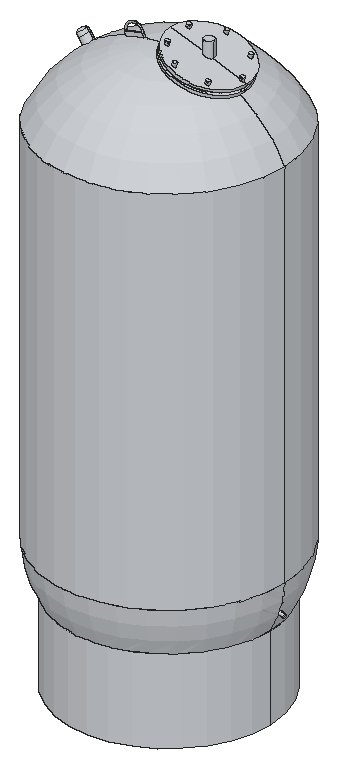
Revit family "NLA-3000L", category Mechanical Equipment, Revit 2014
Parameters (values of type "NLA-3000L")
  URL = "http://westank.com/"
  Top Clearence = B * 0.03194  # 3.89668"
  TankVolume = "792 Gallons"
  SystemConnectionAngle = 50.00°
  PartNumber = "22013000"
  OuterRadius = D / 2  # 21"
  Model = "NLA-3000L"
  MaximumOperatingTemperature = "240°F"
  MaximumOperatingPressure = "125 PSIG"
  Manufacturer = "Wessels Company"
  InnerRadius = (D * 0.9844) / 2  # 20.6724"
  HandleAngle = 110.00°
  F = 3/4"
  DrainAngle = 63.00°
  D = 42"
  CylinderHeight = B * 0.90693  # 110.64546"
  Cyl TOp = B * 0.1616  # 19.7152"
  Cyl Middle = B * 0.62996  # 76.85512"
  Cyl Botttom = B * 0.07034  # 8.58148"
  C = 2"
  B = 122"
  ApproximateShipmentWeight = "1550 lbs"
  Angle = 50.00°
  A = 48"
Reference planes (in)
  plane 1 "Center (Front/Back)": y = 0
  plane 2: z = 0
  plane 3 "Center (Left/Right)": x = 0
  plane 4: x = -24
  plane 5: z = 85.85433
  plane 6: z = 86.86442
  plane 7: y = 1.9685
  plane 8: y = -1.9685
  plane 9: z = 122
  plane 10: x = 24
  plane 11: z = 62.8728
  plane 12: y = 0.15626
  plane 13: y = -0.15626
  plane 14: x = -24
  plane 15: x = 24
  plane 16: x = -21
  plane 17: x = 21
  plane 18: z = 118.10332
  plane 19: z = 21.21085
  plane 20: y = 0
  plane 21: y = 8.22887
  plane 22: y = -8.22887
  plane 23: through (22.56389, -180, 21.10689) normal (0.342, 0, 0.9397)
  plane 24: through (22.8204, -180, 21.81166) normal (0.342, 0, 0.9397)
  plane 25: through (1.4545, -180, 117.41997) normal (0.309, 0, 0.9511)
  plane 26: through (0.60608, -180, 119.16243) normal (0.309, 0, 0.9511)
  plane 27: x = 7.11909
  plane 28: x = 9.11909
  plane 29: z = 65.61892
  plane 30: z = 102.04412
  plane 31: z = 102.54412
  plane 32: z = 101.54412
  plane 33: through (22.2345, -180, 21.62585) normal (0.342, 0, 0.9397)
Forms (in)
  Revolve 1, solid
    sketch origin (0, 0, -5.125) x (1, 0, 0) y (0, 0, 1)
      loop
        arc (0, 123.22832) -> (-14.01651, 119.64103) -> (-24, 109.16912) r 26.23551
        line (-24, 109.16912) -> (-24, 32.314)
        arc (-24, 32.314) -> (-16.30367, 16.87701) -> (0, 11.24458) r 22.80535
        line (0, 11.24458) -> (0, 123.22832)
      axis (0, 123.22832) -> (0, 11.24458)
    angle from 0 to 360
  Extrusion 2, solid
    sketch origin (0, 0, 0) x (1, 0, 0) y (0, 1, 0)
      loop
        circle (0, 0) r 21
      loop
        circle (0, 0) r 20.6724
    from 17.76725 to 0
  Revolve 3, solid
    sketch origin (-12.98705, 0, 108.54606) x (-0.630136, 0, 0.776485) y (-0.776485, 0, -0.630136)
      loop
        line (5.44847, -0.0719) -> (5.44847, -1.16029) -> (6.95487, -1.16029) -> (6.95487, -1.12732) -> (7.76301, -1.12732)
        arc (7.76301, -1.12732) -> (8.10825, -0.65594) -> (8.12516, -0.0719) r 0.9835
        line (8.12516, -0.0719) -> (5.44847, -0.0719)
      axis (5.44847, -0.0719) -> (8.12516, -0.0719)
    angle from 0 to 360
  Sweep 4, solid
    path origin (-5.64412, 0, 112.22733) x (-0.231621, 0, 0.972806) y (-0.972806, 0, -0.231621)
      loop
        arc (6.10198, 1.75) -> (7.85198, 0) -> (6.10198, -1.75) r 1.75
    profile origin (-7.4628, 0, 119.86578) x (-0.231621, 0, 0.972806) y (0, -1, 0)
      loop
        circle (0, 0) r 0.15625
  Extrusion 5, solid
    sketch origin (-4.51496, 0, 107.4849) x (-0.231621, 0, 0.972806) y (-0.972806, 0, -0.231621)
      loop
        line (10.97698, 1.90561) -> (10, 1.90561) -> (10, -1.9095) -> (10.97698, -1.9095) -> (10.97698, 1.90561)
    from 0.15626 to -0.15626
  Revolve 6, solid
    sketch origin (5.84581, 0, 27.55178) x (0.939693, 0, -0.34202) y (0.34202, 0, 0.939693)
      loop
        line (17.91414, 0.03671) -> (19.19446, 0.03671) -> (19.19446, 0.41171) -> (17.91414, 0.41171) -> (17.91414, 0.03671)
      axis (17.91414, 0.03671) -> (19.19446, 0.03671)
    angle from 0 to 360
  Sweep 7, solid
    path origin (-18.70049, 0, 65.68373) x (-1, 0, 0) y (0, 0, -1)
      loop
        arc (6.10198, 1.75) -> (7.85198, 0) -> (6.10198, -1.75) r 1.75
    profile origin (-26.55247, 0, 65.68373) x (-1, 0, 0) y (0, -1, 0)
      loop
        circle (0, 0) r 0.15625
  Extrusion 8, solid
    sketch origin (-13.82549, 0, 65.68373) x (-1, 0, 0) y (0, 0, -1)
      loop
        line (10.97698, 1.90561) -> (10, 1.90561) -> (10, -1.9095) -> (10.97698, -1.9095) -> (10.97698, 1.90561)
    from 0.15626 to -0.15626
  Revolve 9, solid
    sketch origin (-1.37049, 0, 64.91823) x (0.309017, 0, 0.951057) y (-0.951057, 0, 0.309017)
      loop
        line (54.54525, 7.54578) -> (50.80509, 7.54578) -> (50.80509, 1.55435)
        arc (50.80509, 1.55435) -> (51.79827, 1.73817) -> (52.77359, 1.47559) r 2.28358
        line (52.77359, 1.47559) -> (52.77359, -0.68865) -> (53.36414, -0.68865) -> (53.36414, -0.07236) -> (53.9547, -0.07236) -> (53.9547, -0.68865) -> (54.54525, -0.68865) -> (54.54525, 7.54578)
      axis (50.80509, 7.54578) -> (54.54525, 7.54578)
    angle from 0 to 360
  Extrusion 10, solid
    sketch origin (8.26082, 0.25, 93.4832) x (1, 0, 0) y (0, 1, 0)
      loop
        circle (-0.14174, 0) r 1
    from 28.5168 to 24.61983
  Extrusion 11, solid
    sketch origin (1.47907, 7.07168, 121.30272) x (-0.94798, 0.047116, 0.314823) y (-0.043762, -0.998885, 0.017717)
      loop
        circle (-1.65206, 10.75183) r 0.3937
    from 0.59055 to -2.40615
  Extrusion 12, solid
    sketch origin (9.51744, 9.94245, 118.69089) x (-0.536209, 0.824444, 0.181031) y (-0.783065, -0.565933, 0.257931)
      loop
        circle (-1.65206, 10.75183) r 0.3937
    from 0.59055 to -2.40615
  Extrusion 13, solid
    sketch origin (16.54941, 4.9415, 116.40606) x (0.301678, 0.949037, -0.091215) y (-0.90158, 0.315084, 0.296439)
      loop
        circle (-1.65206, 10.75183) r 0.3937
    from 0.59055 to -2.40615
  Extrusion 14, solid
    sketch origin (17.00756, -3.97177, 116.2572) x (0.902301, 0.32225, -0.28637) y (-0.305474, 0.94664, 0.102752)
      loop
        circle (-1.65206, 10.75183) r 0.3937
    from 0.59055 to -2.40615
  Extrusion 15, solid
    sketch origin (10.52916, -9.74048, 118.36216) x (0.790131, -0.559671, -0.249923) y (0.533298, 0.828715, -0.169781)
      loop
        circle (-1.65206, 10.75183) r 0.3937
    from 0.59055 to -2.40615
  Extrusion 16, solid
    sketch origin (2.24335, -7.79738, 121.05438) x (0.053976, -0.998485, -0.010732) y (0.950657, 0.054673, -0.305389)
      loop
        circle (-1.65206, 10.75183) r 0.3937
    from 0.59055 to -2.40615
  Extrusion 17, solid
    sketch origin (-1.28977, 0.31913, 122.20237) x (-0.72333, -0.64677, 0.24183) y (0.616168, -0.762655, -0.196708)
      loop
        circle (-1.65206, 10.75183) r 0.3937
    from 0.59055 to -2.40615
  Extrusion 18, solid
    sketch origin (0, 0, 0) x (0, 1, 0) y (0, 0, 1)
      loop
        circle (-0.15626, 102.04412) r 0.5
    from -25.54196 to -23.82549
Cuts and joins
  joined: Revolve 1, Extrusion 2, Revolve 3, Extrusion 5, Revolve 6, Extrusion 8, Revolve 9, Extrusion 10
Lines and regions (in)
  reference lines
    curve 1: line (0, 0, 62.8728) -> (-4.66021, 0, 68.42662)
    curve 2: line (0, 0, 62.8728) -> (-2.47965, 0, 69.68557)
    curve 3: line (0, 0, 21.21085) -> (16.48362, 0, 12.81203)
Dimensions and locks (in)
  equal spacing: plane 7, plane 1 "Center (Front/Back)", plane 8
  "B": plane 9 to level
  equal spacing: plane 10, plane 3 "Center (Left/Right)", plane 4
  "A": plane 10 to plane 4
  equal spacing: plane 12, curve 2, plane 13
  equal spacing: plane 15, plane 3 "Center (Left/Right)", plane 14
  "A": plane 15 to plane 14
  equal spacing: plane 17, plane 3 "Center (Left/Right)", plane 16
  locked: Revolve 3 sketch curve to Revolve 3 sketch curve at 0.03297
  equal spacing: plane 21, plane 20, plane 22
  Revolve 6 sketch curve to Revolve 6 sketch curve = 3/8"
  "F": plane 24 to plane 23
  Revolve 1 sketch curve to level = 6.11958"
  "Cyl Middle": Revolve 1 sketch curve to Revolve 1 sketch curve
  plane 18 to Revolve 1 sketch curve = 14.0592"
  "Top Clearence": plane 9 to plane 18
  locked: Revolve 9 sketch curve to Revolve 9 sketch curve at 0.59055  (x3)
  locked: Revolve 9 sketch curve to Revolve 9 sketch curve at 1.9685
  "C": plane 27 to plane 28
  "D": plane 17 to plane 16
  Revolve 1 to Revolve 1 = 76.85512"
  locked: Revolve 1 to plane 30 at 2
  locked: plane 31 to plane 32 at 1
  locked: Extrusion 18 sketch curve to plane 31 at 0.5
  Extrusion 18 sketch curve to plane 32 = 1/2"
  equal spacing: plane 31, plane 30, plane 32
  equal spacing: plane 24, plane 33, plane 23
  "OuterRadius": radius of Extrusion 2 sketch curve
  "InnerRadius": radius of Extrusion 2 sketch curve
  "C": diameter of Extrusion 10 sketch curve
  diameter of Extrusion 18 = 1"
  "Angle": angle curve 1 to plane 11
  "HandleAngle": angle plane 11 to curve 2
  "DrainAngle": angle plane 3 "Center (Left/Right)" to curve 3
  aligned and locked: level to plane 2
  aligned and locked: Extrusion 2 to level
  aligned and locked: plane 4 to Revolve 1 sketch curve
  aligned and locked: plane 3 "Center (Left/Right)" to curve 1
  aligned and locked: plane 11 to curve 1
  aligned and locked: Revolve 3 sketch curve to Revolve 3 sketch curve
  aligned and locked: plane 11 to curve 2
  aligned and locked: plane 3 "Center (Left/Right)" to curve 2
  aligned and locked: Extrusion 5 sketch curve to Sweep 4
  aligned and locked: Extrusion 5 to plane 13
  aligned and locked: plane 12 to Extrusion 5
  aligned and locked: plane 19 to curve 3
  aligned and locked: plane 3 "Center (Left/Right)" to curve 3
  aligned and locked: plane 18 to Revolve 1 sketch curve
  aligned and locked: Extrusion 8 sketch curve to Sweep 7
  aligned and locked: Revolve 9 sketch curve to Revolve 9 sketch curve
  aligned and locked: plane 27 to Extrusion 10
  aligned and locked: plane 28 to Extrusion 10
  aligned and locked: plane 33 to Revolve 6 sketch curve
  aligned and locked: Revolve 6 sketch curve to Revolve 6 sketch curve
Automatic sketch dimensions
  curve 1 to Revolve 3 sketch curve = 41 217/256"
  Revolve 3 sketch curve to Revolve 3 sketch curve = 1.5064"
  Revolve 3 sketch curve to Revolve 3 sketch curve = 0"
  Revolve 3 sketch curve to Revolve 3 sketch curve = 0.22312"
  Revolve 3 sketch curve to Revolve 3 sketch curve = 0.80814"
  Revolve 3 sketch curve to Revolve 3 sketch curve = 0.94717"
  Revolve 3 sketch curve to curve 1 = 19.97532"
  Revolve 3 sketch curve to Revolve 3 sketch curve = 0.79058"
  Revolve 3 sketch curve to Revolve 3 sketch curve = 5.44847"
  Revolve 3 sketch curve to Revolve 3 sketch curve = 0.07201"
  curve 2 to Sweep 4 sketch curve = 48.21981"
  Sweep 4 sketch curve to curve 2 = 6.77517"
  Sweep 4 sketch curve to Sweep 4 sketch curve = 1 3/4"
  Sweep 4 sketch curve to profile plane = 0"
  profile plane to Sweep 4 sketch curve = 0"
  Extrusion 5 sketch curve to Extrusion 5 sketch curve = 0.97698"
  Extrusion 5 sketch curve to curve 2 = 8.68467"
  Extrusion 5 sketch curve to Extrusion 5 sketch curve = 3.81511"
  curve 3 to Revolve 6 sketch curve = 2.87657"
  Revolve 6 sketch curve to Revolve 6 sketch curve = 1.28033"
  curve 3 to Revolve 6 sketch curve = 3.32454"
  Revolve 6 sketch curve to Revolve 6 sketch curve = 0.58586"
  curve 2 to Sweep 7 sketch curve = 24.80247"
  Sweep 7 sketch curve to curve 2 = 2.81093"
  Sweep 7 sketch curve to Sweep 7 sketch curve = 1 3/4"
  Sweep 7 sketch curve to profile plane = 0"
  profile plane to Sweep 7 sketch curve = 0"
  Extrusion 8 sketch curve to Extrusion 8 sketch curve = 0.97698"
  Extrusion 8 sketch curve to curve 2 = 4.72043"
  Extrusion 8 sketch curve to Extrusion 8 sketch curve = 3.81511"
  Revolve 9 sketch curve to plane 25 = 0"
  Revolve 9 sketch curve to plane 26 = 0.49311"
  Revolve 9 sketch curve to plane 18 = 3.20722"
  Revolve 9 sketch curve to Revolve 9 sketch curve = 0.14506"
  Revolve 9 sketch curve to Revolve 9 sketch curve = 0.61629"
  Revolve 9 sketch curve to Revolve 9 sketch curve = 1.54795"
  Revolve 9 sketch curve to Revolve 9 sketch curve = 6.07018"
  Revolve 9 sketch curve to Revolve 9 sketch curve = 8.25878"
  Revolve 9 sketch curve to Revolve 9 sketch curve = 0.00107"
  Revolve 9 sketch curve to Revolve 9 sketch curve = 0"
  Extrusion 18 sketch curve to plane 13 = 0"
  Revolve 1 sketch curve to plane 3 "Center (Left/Right)" = 0"  (x2)
  Revolve 1 sketch curve to plane 3 "Center (Left/Right)" = 1.25819"
  Revolve 1 sketch curve to plane 3 "Center (Left/Right)" = 0.75556"
  Revolve 1 sketch curve to Revolve 1 sketch curve = 0"
  Revolve 1 sketch curve to plane 18 = 1.18638"
  Extrusion 2 sketch curve to Extrusion 2 sketch curve = 0"  (x2)
  plane 1 "Center (Front/Back)" to Extrusion 2 sketch curve = 0"
  Extrusion 2 sketch curve to plane 3 "Center (Left/Right)" = 0"
  plane 12 to Extrusion 10 sketch curve = 3/32"
  Extrusion 10 sketch curve to plane 27 = 1"
  radius of Sweep 4 sketch curve = 5/32"
  radius of Sweep 7 sketch curve = 5/32"
  radius of Extrusion 11 sketch curve = 0.3937"
  radius of Extrusion 12 sketch curve = 0.3937"
  radius of Extrusion 13 sketch curve = 0.3937"
  radius of Extrusion 14 sketch curve = 0.3937"
  radius of Extrusion 15 sketch curve = 0.3937"
  radius of Extrusion 16 sketch curve = 0.3937"
  radius of Extrusion 17 sketch curve = 0.3937"
  radius of Extrusion 18 sketch curve = 1/2"
Connectors (in)
  piping at (23.89526, 0, 21.02138), diameter 0.75, driven by "F"
    settings: on Revolve 6, index 2, connector inside diameter 24", connector length 0", flow factor 0, pipe flow 0 GPM, pressure drop 0.00 psi, fitting loss kfactor 0, connector angle 0.00°, fixture units 0, engagement length 0", angle of deflection 0.00°, flow configuration 0, flow direction 0, fitting loss method 0, system type 7, joint type 0, gender type 0, connector reference index -1, connector utility 0, adjustable connector no, is connector primary yes, connector description ""
  piping at (8.11909, 0.25, 122), diameter 2, driven by "C"
    settings: on Extrusion 10, index 3, connector inside diameter 24", connector length 0", flow factor 0, pipe flow 0 GPM, pressure drop 0.00 psi, fitting loss kfactor 0, connector angle 0.00°, fixture units 0, engagement length 0", angle of deflection 0.00°, flow configuration 0, flow direction 0, fitting loss method 0, system type 7, joint type 0, gender type 0, connector reference index -1, connector utility 0, adjustable connector no, is connector primary no, connector description ""
